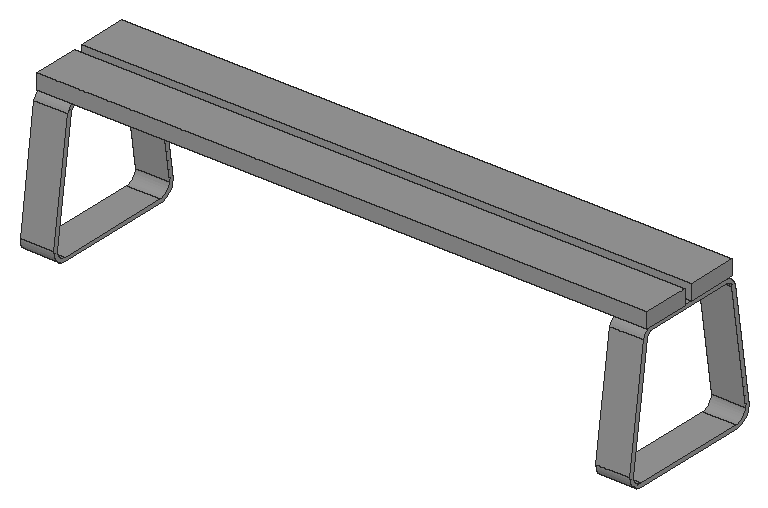
Revit family "Скамейка стальная «Колледж» без спинки Арт 13998", category Антураж, Revit 2018
Family settings
  На основе рабочей плоскости = Нет
  Всегда вертикально = Да
  При загрузке вырезать с полостями = Нет
  Источник визуального образа = Геометрия семейства
  Общий = Нет
  Точка расчета площади = Нет
Parameters (values of type "Скамейка стальная «Колледж» без спинки")
  Ширина = 436 mm  # constant formula
  Цвет опор = Сталь
  Цвет лавки = Дерево
  Описание = "Скамейка стальная «Колледж» без спинки"  # constant formula
  Материал изделия = "Сталь, дерево"  # constant formula
  Изображение типоразмера = Скамейка стальная «Колледж» без спинки Арт 13998.jpg
  Изготовитель = "ООО «Хоббика»"  # constant formula
  Длина = 1800 mm  # constant formula
  Группа модели = "Скамейки"  # constant formula
  Высота = 456 mm  # constant formula
  Артикул товара = "Арт. 13998"  # constant formula
  URL = "https://hobbyka.ru/product/skameyka_bez_spinki_ulichnaya_kolledzh/"
Reference planes
  plane 1 "По центру (Вперед/Назад)": y = 0
  plane 2: z = 0
  plane 3 "По центру (Влево/Вправо)": x = 0
  plane 4: y = 436
  plane 5: x = 1800
  plane 6: z = 456
Forms (mm)
  Extrusion 1, solid, material "Дерево" <- "Цвет лавки"
    sketch origin (0, 0, 0) x (0, 1, 0) y (0, 0, 1)
      loop
        line (376, 456) -> (226, 456) -> (226, 411) -> (376, 411) -> (376, 456)
      loop
        line (200.197, 456) -> (60.197, 456) -> (60.197, 411) -> (200.197, 411) -> (200.197, 456)
    from 0 to 1800
  Extrusion 2, solid, material "Сталь" <- "Цвет опор"
    sketch origin (0, 0, 0) x (0, 1, 0) y (0, 0, 1)
      loop
        arc (393.161, 10) -> (416.141, 19.38) -> (425.993, 42.161) r 32.839
        line (425.993, 42.161) -> (376.135, 383.691)
        arc (376.135, 383.691) -> (367.001, 396.218) -> (352.254, 401) r 25.128
        line (352.254, 401) -> (83.746, 401)
        arc (83.746, 401) -> (68.999, 396.218) -> (59.865, 383.691) r 25.128
        line (59.865, 383.691) -> (10.007, 42.161)
        arc (10.007, 42.161) -> (19.859, 19.38) -> (42.839, 10) r 32.839
        line (42.839, 10) -> (393.161, 10)
      loop
        arc (0, 42.839) -> (12.547, 12.547) -> (42.839, 0) r 42.839
        line (42.839, 0) -> (393.161, 0)
        arc (393.161, 0) -> (423.453, 12.547) -> (436, 42.839) r 42.839
        line (436, 42.839) -> (385.916, 385.914)
        arc (385.916, 385.914) -> (373.245, 404.039) -> (352.254, 411) r 35.128
        line (352.254, 411) -> (83.746, 411)
        arc (83.746, 411) -> (62.755, 404.039) -> (50.084, 385.914) r 35.128
        line (50.084, 385.914) -> (0, 42.839)
    from 0 to 100
  Extrusion 3, solid, material "Сталь" <- "Цвет опор"
    sketch origin (0, 0, 0) x (0, 1, 0) y (0, 0, 1)
      loop
        arc (385.916, 385.914) -> (373.245, 404.039) -> (352.254, 411) r 35.128
        line (352.254, 411) -> (83.746, 411)
        arc (83.746, 411) -> (62.755, 404.039) -> (50.084, 385.914) r 35.128
        line (50.084, 385.914) -> (0, 42.839)
        arc (0, 42.839) -> (12.547, 12.547) -> (42.839, 0) r 42.839
        line (42.839, 0) -> (393.161, 0)
        arc (393.161, 0) -> (423.453, 12.547) -> (436, 42.839) r 42.839
        line (436, 42.839) -> (385.916, 385.914)
      loop
        line (425.993, 42.161) -> (376.135, 383.691)
        arc (376.135, 383.691) -> (367.001, 396.218) -> (352.254, 401) r 25.128
        line (352.254, 401) -> (83.746, 401)
        arc (83.746, 401) -> (68.999, 396.218) -> (59.865, 383.691) r 25.128
        line (59.865, 383.691) -> (10.007, 42.161)
        arc (10.007, 42.161) -> (19.859, 19.38) -> (42.839, 10) r 32.839
        line (42.839, 10) -> (393.161, 10)
        arc (393.161, 10) -> (416.141, 19.38) -> (425.993, 42.161) r 32.839
    from 1700 to 1800
Lines and regions (mm)
  symbolic lines
    curve 1: line (0, 376, 837.45) -> (0, 376, 217.45)
    curve 2: line (0, 60.197, 837.45) -> (0, 60.197, 157.45)
Dimensions and locks
  "Длина": plane 3 "По центру (Влево/Вправо)" to plane 5
  "Ширина": plane 4 to plane 1 "По центру (Вперед/Назад)"
  "Высота": plane 6 to plane 2
  equal spacing: plane 4, curve 1, curve 2, plane 1 "По центру (Вперед/Назад)"
  plane 4 to plane 1 "По центру (Вперед/Назад)" = 436 mm
  aligned and locked: level to plane 2
Automatic sketch dimensions
  curve 2 to plane 1 "По центру (Вперед/Назад)" = 60.197 mm
  level to curve 2 = 157.45 mm
  curve 1 to plane 4 = 60 mm
  level to curve 1 = 217.45 mm
  plane 6 to curve 2 = 381.45 mm
  curve 2 to curve 1 = 0 mm
  Extrusion 1 sketch curve to plane 6 = 0 mm  (x2)
  Extrusion 1 sketch curve to plane 1 "По центру (Вперед/Назад)" = 60.197 mm
  Extrusion 1 sketch curve to plane 6 = 45 mm
  Extrusion 1 sketch curve to Extrusion 1 sketch curve = 140 mm
  Extrusion 1 sketch curve to Extrusion 1 sketch curve = 25.803 mm
  Extrusion 1 sketch curve to plane 4 = 60 mm
  Extrusion 1 sketch curve to Extrusion 1 sketch curve = 0 mm
  Extrusion 2 sketch curve to Extrusion 2 sketch curve = 0 mm  (x9)
  Extrusion 2 sketch curve to level = 0 mm
  Extrusion 2 sketch curve to plane 1 "По центру (Вперед/Назад)" = 0 mm
  Extrusion 2 sketch curve to Extrusion 2 sketch curve = 10.007 mm
  Extrusion 2 sketch curve to Extrusion 2 sketch curve = 32.832 mm
  Extrusion 2 sketch curve to plane 1 "По центру (Вперед/Назад)" = 50.084 mm
  Extrusion 2 sketch curve to Extrusion 2 sketch curve = 9.781 mm  (x2)
  Extrusion 2 sketch curve to Extrusion 2 sketch curve = 23.881 mm  (x2)
  Extrusion 2 sketch curve to plane 4 = 83.746 mm
  Extrusion 2 sketch curve to plane 4 = 42.839 mm
  Extrusion 2 sketch curve to plane 4 = 10.007 mm
  level to Extrusion 2 sketch curve = 42.839 mm
  Extrusion 2 sketch curve to Extrusion 2 sketch curve = 10 mm
  Extrusion 2 sketch curve to plane 6 = 80.128 mm
  Extrusion 2 sketch curve to Extrusion 2 sketch curve = 7.819 mm
  Extrusion 2 sketch curve to Extrusion 2 sketch curve = 2.223 mm
  Extrusion 3 sketch curve to plane 1 "По центру (Вперед/Назад)" = 0 mm
  Extrusion 3 sketch curve to level = 0 mm
  Extrusion 3 sketch curve to plane 4 = 0 mm
  Extrusion 3 sketch curve to Extrusion 3 sketch curve = 42.839 mm
  Extrusion 3 sketch curve to plane 1 "По центру (Вперед/Назад)" = 50.084 mm
  Extrusion 3 sketch curve to Extrusion 3 sketch curve = 33.662 mm  (x2)
  Extrusion 3 sketch curve to plane 4 = 83.746 mm
  level to Extrusion 3 sketch curve = 42.839 mm
  Extrusion 3 sketch curve to plane 6 = 80.128 mm
  Extrusion 3 sketch curve to Extrusion 3 sketch curve = 0 mm  (x9)
  Extrusion 3 sketch curve to Extrusion 3 sketch curve = 10.042 mm
  Extrusion 3 sketch curve to plane 1 "По центру (Вперед/Назад)" = 10.007 mm
  Extrusion 3 sketch curve to Extrusion 3 sketch curve = 9.781 mm  (x2)
  Extrusion 3 sketch curve to plane 4 = 10.007 mm
  level to Extrusion 3 sketch curve = 10 mm
  Extrusion 3 sketch curve to Extrusion 3 sketch curve = 2.223 mm
